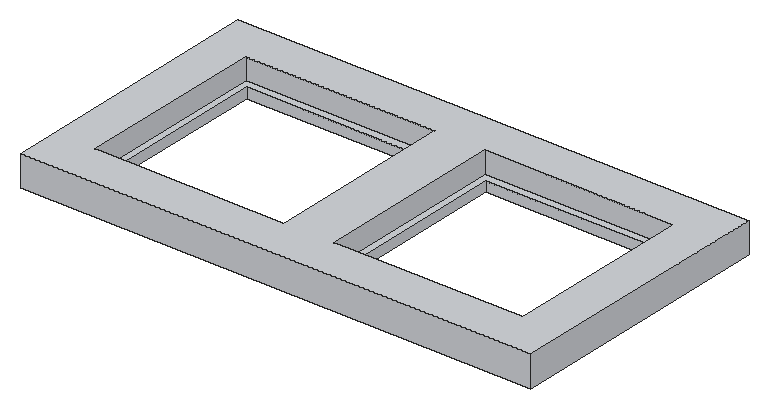
Revit family "Gira_021209", category Electrical Fixtures, host Face, Revit 2017
Family settings
  Host = Face
  Maintain Annotation Orientation = No
  Round Connector Dimension = Use Diameter
  Part Type = Normal
  Cut with Voids When Loaded = No
  Shared = No
  Room Calculation Point = No
Parameters (values of type "Abdeckrahmen 2f Gira E2 Schwarz m")
  Werkstoffgüte = "Thermoplast"
  Werkstoff = "Kunststoff"
  URL = "http://katalog.gira.de/de_DE/datenblatt.html?artikelnr=021209"
  Transparent = "No"
  Textfeld/Beschriftungsfläche = "No"
  Schutzart (IP) = "IP20"
  Region = "DE"
  Oberfläche = "sonstige"
  Name = "Abdeckrahmen 2f Gira E2 Schwarz m"
  Montagerichtung = "horizontal und vertikal"
  Mit Montagerahmen = "No"
  Mit Klappdeckel = "No"
  Manufacturer URL = "https://www.gira.de/"
  Keynote = "E2_Rahmen_2fach"
  HeinzeBIM = "https://bimportal.heinze.de/bim/abdeckrahmen-2f-gira-e2-schwarz-m/d76b60d53972705fbbd4c4467e02e22bc6faea24"
  Halogenfrei = "Yes"
  HAN = "021209"
  Geeignet für Unterputz-Installation = "Yes"
  Geeignet für Unterflurkanaldose = "No"
  Geeignet für Geräteeinbaukanal = "No"
  Geeignet für Einbauinstallation = "No"
  GTIN = "4010337036760"
  Farbe = "schwarz"
  Default Elevation = 1219.2 mm
  Data sheet (1) = "https://katalog.gira.de/de_DE/download.html?artikelnr=021209"
  Category = "Abdeckrahmen"
  Befestigungsart = "Klemmbefestigung"
  Available = "Yes"
  Ausführung der Oberfläche = "matt"
  Anzahl der Einheiten vertikal = "2 "
  Anzahl der Einheiten horizontal = "2 "
  Anzahl der Einheiten = "2 "
Reference planes
  plane 1 "Center (Front/Back)": y = 0
  plane 2: z = 0
  plane 3 "Center (Left/Right)": x = 0
Forms (mm)
  Extrusion 1, solid, detail levels fine
    sketch origin (0, 0, 0) x (1, 0, 0) y (0, 1, 0)
      loop
        line (75.95, 40.4) -> (-75.95, 40.4) -> (-75.95, -40.4) -> (75.95, -40.4) -> (75.95, 40.4)
      loop
        line (-63.702, 28.152) -> (-63.702, -28.152) -> (-7.398, -28.152) -> (-7.398, 28.152) -> (-63.702, 28.152)
      loop
        line (7.398, 28.152) -> (7.398, -28.152) -> (63.702, -28.152) -> (63.702, 28.152) -> (7.398, 28.152)
    from 0 to 9.3
  Extrusion 2, solid, detail levels fine
    sketch origin (-35.55, 0, 0) x (1, 0, 0) y (0, 1, 0)
      loop
        line (-28.152, -28.152) -> (28.152, -28.152) -> (28.152, 28.152) -> (-28.152, 28.152) -> (-28.152, -28.152)
      loop
        line (25.9, -25.7) -> (25.9, 25.7) -> (-25.9, 25.7) -> (-25.9, -25.7) -> (25.9, -25.7)
    from 0 to 3
  Extrusion 3, solid, detail levels coarse+medium
    sketch origin (0, 0, 0) x (1, 0, 0) y (0, 1, 0)
      loop
        line (75.95, 40.4) -> (-75.95, 40.4) -> (-75.95, -40.4) -> (75.95, -40.4) -> (75.95, 40.4)
    from 0 to 9.3
  Extrusion 4, solid, detail levels fine
    sketch origin (35.55, -0.047, 0) x (1, 0, 0) y (0, 1, 0)
      loop
        line (-28.152, -28.106) -> (28.152, -28.106) -> (28.152, 28.199) -> (-28.152, 28.199) -> (-28.152, -28.106)
      loop
        line (25.9, -25.653) -> (25.9, 25.747) -> (-25.9, 25.747) -> (-25.9, -25.653) -> (25.9, -25.653)
    from 0 to 3
Dimensions and locks
  aligned and locked: plane 2 to host face
  aligned and locked: level to host face
